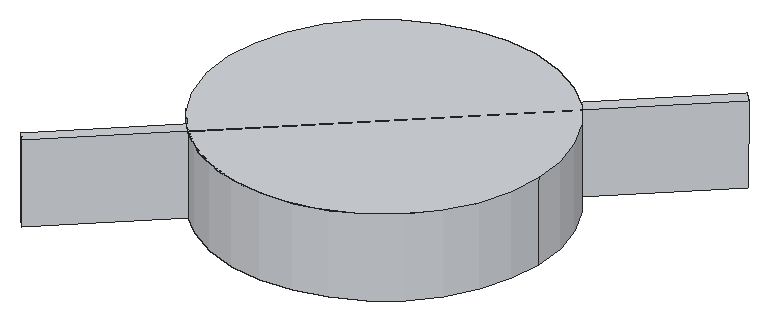
Revit family "電線管用ファミリ(片側のみ)_7", category Electrical Fixtures, Revit 2022
Family settings
  Round Connector Dimension = Use Diameter
  Part Type = Normal
  OmniClass Number = 23.80.00.00
  OmniClass Title = Electric Power and Lighting
  Work Plane-Based = No
  Always vertical = Yes
  Cut with Voids When Loaded = No
  Maintain Annotation Orientation = No
  Shared = No
  Room Calculation Point = No
Parameters
  コネクタ直径 [instance] = 16 mm
  W [instance] = 200 mm
  Default Elevation = 0 mm
  D [instance] = 200 mm
Reference planes
  plane 1 "Center (Front/Back)": y = 0
  plane 2: z = 0
  plane 3 "Center (Left/Right)": x = 0
  plane 4: x = -100
  plane 5: x = 100
  plane 6: y = 100
  plane 7: y = -100
  plane 8: z = 33.685
  plane 9: z = 50
Forms (mm)
  Extrusion 1, solid
    sketch origin (0, 0, 0) x (1, 0, 0) y (0, 1, 0)
      loop
        circle (0, 0) r 100
    from 0 to 50
  Extrusion 2, solid
    sketch origin (0, 0, 0) x (1, 0, 0) y (0, 1, 0)
      loop
        line (-132.86, -126.778) -> (-127.25, -132.388) -> (132.655, 127.518) -> (127.045, 133.128) -> (-132.86, -126.778)
    from 0 to 50
Dimensions and locks
  equal spacing: plane 4, plane 3 "Center (Left/Right)", plane 5
  "W": plane 4 to plane 5
  equal spacing: plane 6, plane 1 "Center (Front/Back)", plane 7
  "D": plane 6 to plane 7
  aligned and locked: level to plane 2
  aligned and locked: plane 9 to Extrusion 1
Automatic sketch dimensions
  plane 1 "Center (Front/Back)" to Extrusion 1 sketch curve = 0 mm
  Extrusion 1 sketch curve to plane 3 "Center (Left/Right)" = 0 mm
  Extrusion 2 sketch curve to plane 7 = 26.778 mm
  Extrusion 2 sketch curve to plane 4 = 27.25 mm
  plane 5 to Extrusion 2 sketch curve = 27.045 mm
  plane 6 to Extrusion 2 sketch curve = 27.518 mm
  plane 5 to Extrusion 2 sketch curve = 32.655 mm
  radius of Extrusion 1 sketch curve = 100 mm
Connectors
  cabletrayconduit at (0, 0, 50), diameter 16
    settings: on Extrusion 1, index 1, connector width 300 mm, connector height 300 mm, connector angle 0.00°, system type 32, placement type 0, profile type 0, connector reference index -1, is primary connector yes, connector utility param no, connector description ""
